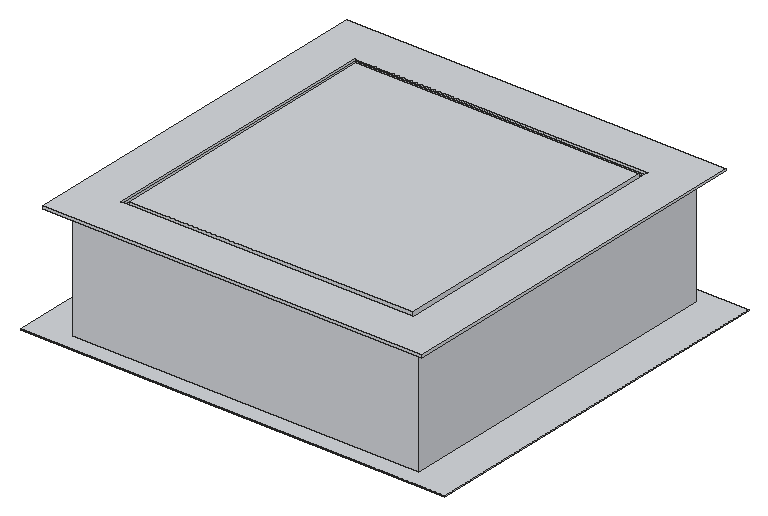
Revit family "Unterflurdose UZD250-3_115-170 mm", category Generic Models, Revit 2015
Parameters (values of type "UZD 115170 250-3")
  Width = 200 mm
  URL = "http://www.obo-bettermann.com"
  Size "a" = 262 mm
  Material = Steel, Galvanized
  Manufacturer Art. No. = "7410043"
  Manufacturer = "OBO Bettermann"
  HeightCalc = if(Height < 115 mm, 115 mm, (if(Height > 170 mm, 170 mm, Height)))  # 115 mm
  Height = 70 mm
  GTIN = "4012195431640"
  Article Type = "UZD 115170 250-3"
  "B" Dimension = 410 mm
  "A" Dimension = 367 mm
Reference planes
  plane 1 "Center (Front/Back)": y = 0
  plane 2: z = 0
  plane 3 "Center (Left/Right)": x = 0
  plane 4: z = 1
  plane 5: x = -205
  plane 6: y = -183.5
  plane 7: x = 205
  plane 8: y = 183.5
  plane 9: y = -167
  plane 10: x = 167
  plane 11: y = 167
  plane 12: x = -167
  plane 13: z = 113
  plane 14: z = 115
  plane 15: x = -183.5
  plane 16: x = 183.5
  plane 17: y = 141.5
  plane 18: x = 141.5
  plane 19: x = -141.5
  plane 20: y = -141.5
  plane 21: z = 111
  plane 22: y = 131
  plane 23: y = -131
  plane 24: x = 131
  plane 25: x = -131
  plane 26: y = -136.5
  plane 27: x = 136.5
  plane 28: y = 136.5
  plane 29: x = -136.5
Forms (mm)
  Extrusion 1, solid
    sketch origin (0, 0, 0) x (1, 0, 0) y (0, 1, 0)
      loop
        line (205, 183.5) -> (-205, 183.5) -> (-205, -183.5) -> (205, -183.5) -> (205, 183.5)
    from 0 to 1
  Extrusion 2, solid
    sketch origin (0, 0, 0) x (1, 0, 0) y (0, 1, 0)
      loop
        line (-167, 167) -> (-167, -167) -> (167, -167) -> (167, 167) -> (-167, 167)
    from 1 to 113
  Extrusion 3, solid
    sketch origin (0, 0, 0) x (1, 0, 0) y (0, 1, 0)
      loop
        line (-183.5, 183.5) -> (-183.5, -183.5) -> (183.5, -183.5) -> (183.5, 183.5) -> (-183.5, 183.5)
    from 113 to 115
  Extrusion 4, void
    sketch origin (0, 0, 0) x (1, 0, 0) y (0, 1, 0)
      loop
        line (-141.5, 141.5) -> (-141.5, -141.5) -> (141.5, -141.5) -> (141.5, 141.5) -> (-141.5, 141.5)
    from 111 to 115
  Extrusion 5, void
    sketch origin (0, 0, 0) x (1, 0, 0) y (0, 1, 0)
      loop
        line (-131, 131) -> (-131, -131) -> (131, -131) -> (131, 131) -> (-131, 131)
    from 1 to 111
  Extrusion 6, solid
    sketch origin (0, 0, 0) x (1, 0, 0) y (0, 1, 0)
      loop
        line (-136.5, 136.5) -> (-136.5, -136.5) -> (136.5, -136.5) -> (136.5, 136.5) -> (-136.5, 136.5)
    from 111 to 115
Cuts and joins
  Extrusion 4, Extrusion 5 cuts Extrusion 1
  Extrusion 4, Extrusion 5 cuts Extrusion 2
  Extrusion 4 cuts Extrusion 3
Lines and regions (mm)
  model lines
    curve 1: line (205, 183.5, 0) -> (-205, 183.5, 0)
    curve 2: line (205, 183.5, 0) -> (205, -183.5, 0)
    curve 3: line (205, -183.5, 0) -> (-205, -183.5, 0)
    curve 4: line (-205, -183.5, 0) -> (-205, 183.5, 0)
    curve 5: line (-167, 167, 0) -> (167, 167, 0)
    curve 6: line (167, 167, 0) -> (167, -167, 0)
    curve 7: line (167, -167, 0) -> (-167, -167, 0)
    curve 8: line (-167, -167, 0) -> (-167, 167, 0)
    curve 9: line (-183.5, 183.5, 0) -> (-183.5, -183.5, 0)
    curve 10: line (183.5, -183.5, 0) -> (183.5, 183.5, 0)
    curve 11: line (-141.5, 141.5, 0) -> (141.5, 141.5, 0)
    curve 12: line (141.5, 141.5, 0) -> (141.5, -141.5, 0)
    curve 13: line (141.5, -141.5, 0) -> (-141.5, -141.5, 0)
    curve 14: line (-141.5, -141.5, 0) -> (-141.5, 141.5, 0)
    curve 15: line (-131, 131, 0) -> (131, 131, 0)
    curve 16: line (131, 131, 0) -> (131, -131, 0)
    curve 17: line (131, -131, 0) -> (-131, -131, 0)
    curve 18: line (-131, -131, 0) -> (-131, 131, 0)
    curve 19: line (-136.5, 136.5, 0) -> (136.5, 136.5, 0)
    curve 20: line (136.5, 136.5, 0) -> (136.5, -136.5, 0)
    curve 21: line (136.5, -136.5, 0) -> (-136.5, -136.5, 0)
    curve 22: line (-136.5, -136.5, 0) -> (-136.5, 136.5, 0)
Dimensions and locks
  locked: level to plane 4 at 1
  equal spacing: plane 6, plane 1 "Center (Front/Back)", plane 8
  ""A" Dimension": plane 6 to plane 8
  equal spacing: plane 5, plane 3 "Center (Left/Right)", plane 7
  ""B" Dimension": plane 5 to plane 7
  equal spacing: plane 12, plane 3 "Center (Left/Right)", plane 10
  locked: plane 9 to plane 11 at 334
  equal spacing: plane 9, plane 1 "Center (Front/Back)", plane 11
  locked: plane 12 to plane 10 at 334
  locked: plane 13 to plane 14 at 2
  equal spacing: plane 15, plane 3 "Center (Left/Right)", plane 16
  locked: plane 15 to plane 16 at 367
  equal spacing: plane 19, plane 3 "Center (Left/Right)", plane 18
  locked: plane 19 to plane 18 at 283
  equal spacing: plane 17, plane 1 "Center (Front/Back)", plane 20
  locked: plane 17 to plane 20 at 283
  "HeightCalc": level to plane 14
  locked: plane 21 to plane 14 at 4
  equal spacing: plane 25, plane 3 "Center (Left/Right)", plane 24
  "Size "a"": plane 25 to plane 24
  equal spacing: plane 22, plane 1 "Center (Front/Back)", plane 23
  "Size "a"": plane 22 to plane 23
  equal spacing: plane 29, plane 3 "Center (Left/Right)", plane 27
  locked: plane 29 to plane 27 at 273
  equal spacing: plane 28, plane 1 "Center (Front/Back)", plane 26
  locked: plane 28 to plane 26 at 273
  aligned and locked: level to plane 2
  aligned and locked: plane 7 to curve 2
  aligned and locked: plane 5 to curve 4
  aligned and locked: Extrusion 1 sketch curve to curve 1
  aligned and locked: Extrusion 1 sketch curve to curve 2
  aligned and locked: Extrusion 1 sketch curve to curve 3
  aligned and locked: Extrusion 1 sketch curve to curve 4
  aligned and locked: plane 4 to Extrusion 1
  aligned and locked: plane 11 to curve 5
  aligned and locked: curve 6 to plane 10
  aligned and locked: plane 9 to curve 7
  aligned and locked: curve 8 to plane 12
  aligned and locked: Extrusion 2 sketch curve to curve 5
  aligned and locked: Extrusion 2 sketch curve to curve 6
  aligned and locked: Extrusion 2 sketch curve to curve 7
  aligned and locked: Extrusion 2 sketch curve to curve 8
  aligned and locked: plane 13 to Extrusion 2
  aligned and locked: Extrusion 2 to plane 4
  aligned and locked: curve 9 to plane 15
  aligned and locked: plane 16 to curve 10
  aligned and locked: Extrusion 3 sketch curve to curve 9
  aligned and locked: Extrusion 3 sketch curve to curve 10
  aligned and locked: plane 6 to Extrusion 3 sketch curve
  aligned and locked: Extrusion 3 sketch curve to plane 8
  aligned and locked: Extrusion 3 to plane 13
  aligned and locked: plane 14 to Extrusion 3
  aligned and locked: curve 11 to plane 17
  aligned and locked: curve 12 to plane 18
  aligned and locked: plane 20 to curve 13
  aligned and locked: plane 19 to curve 14
  aligned and locked: Extrusion 1 to level
  aligned and locked: Extrusion 4 sketch curve to curve 11
  aligned and locked: Extrusion 4 sketch curve to curve 12
  aligned and locked: Extrusion 4 sketch curve to curve 13
  aligned and locked: Extrusion 4 sketch curve to curve 14
  aligned and locked: plane 14 to Extrusion 4
  aligned and locked: Extrusion 4 to plane 21
  aligned and locked: curve 15 to plane 22
  aligned and locked: curve 16 to plane 24
  aligned and locked: plane 23 to curve 17
  aligned and locked: plane 25 to curve 18
  aligned and locked: Extrusion 5 sketch curve to curve 15
  aligned and locked: Extrusion 5 sketch curve to curve 18
  aligned and locked: Extrusion 5 sketch curve to curve 17
  aligned and locked: Extrusion 5 sketch curve to curve 16
  aligned and locked: plane 21 to Extrusion 5
  aligned and locked: Extrusion 5 to plane 4
  aligned and locked: curve 19 to plane 28
  aligned and locked: curve 20 to plane 27
  aligned and locked: curve 21 to plane 26
  aligned and locked: curve 22 to plane 29
  aligned and locked: Extrusion 6 sketch curve to curve 19
  aligned and locked: Extrusion 6 sketch curve to curve 22
  aligned and locked: Extrusion 6 sketch curve to curve 21
  aligned and locked: Extrusion 6 sketch curve to curve 20
  aligned and locked: Extrusion 6 to plane 21
  aligned and locked: plane 14 to Extrusion 6
Automatic sketch dimensions
  curve 10 to plane 6 = 0 mm
  plane 8 to curve 9 = 0 mm
